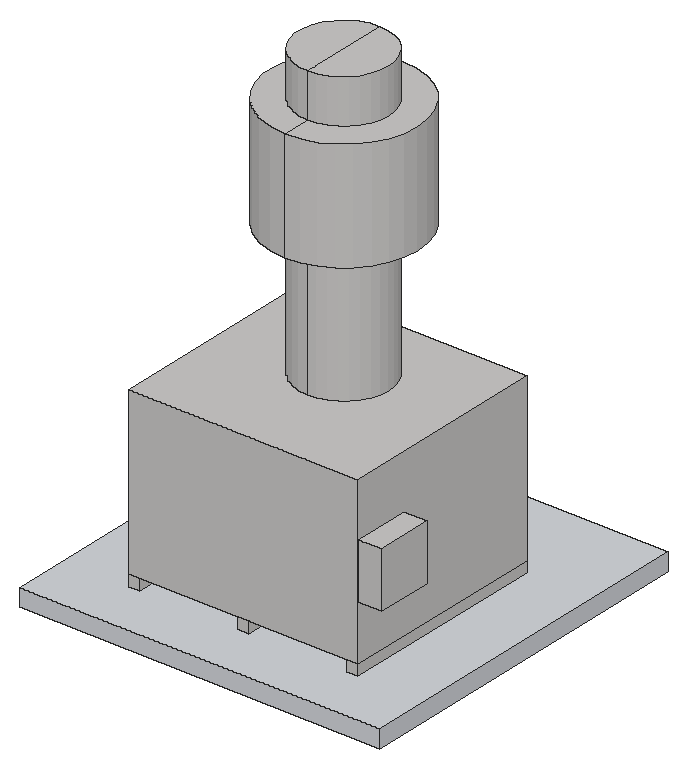
Revit family "DC_Rheem_PLM_Raypak_B2004HWT", category Plumbing Fixtures, host Face, Revit 2017
Family settings
  Host = Face
  Round Connector Dimension = Use Radius
  Part Type = Normal
  Cut with Voids When Loaded = No
  Shared = No
  Room Calculation Point = No
Parameters (values of type "Raypak - Gas Water Heater- Outdoor - 2004 MJ/h  Natural gas, modulating gas control")
  Width_ANZRS = 1430 mm
  URL = "http://www.rheem.com.au/CommercialProducts"
  Type Comments = "Recovery 7654L/h @ 50°C rise\r\n"
  TopSmallDia_ANZRS = 610 mm  # constant formula
  TopH2_ANZRS = 750 mm
  TopH1_ANZRS = 300 mm
  TopBigDia_ANZRS = 1000 mm
  PRVDiameter_ANZRS = PRVRadius_ANZRS * 2  # 20 mm
  Materials_ANZRS = Raypak - Grey Powder Coated Steel
  PRVRadius_ANZRS = 10 mm
  PRVDist_ANZRS = 400 mm
  Model = "B2004NCM/HWT\r\n"
  Manufacturer = "Raypak\r\n"
  Length_ANZRS = 1550 mm
  HotWaterPipeDist_ANZRS = 235 mm
  HotWaterPipeRadius_ANZRS = 40 mm
  HotWaterPipeDiameter_ANZRS = HotWaterPipeRadius_ANZRS * 2  # 80 mm
  Height_ANZRS = 3165 mm
  GasPipeRadius_ANZRS = 25 mm
  GasPipeHeight_ANZRS = 600 mm
  GasPipeDist_ANZRS = 210 mm
  GasPipeDiameter_ANZRS = GasPipeRadius_ANZRS * 2  # 50 mm
  EleBoxWidth_ANZRS = 160 mm
  EleBoxHeightfromBase_ANZRS = 450 mm
  EleBoxHeight_ANZRS = 380 mm
  DesignBy_ANZRS = "Design Content ©"
  Description = "Raypak - Gas Water Heater- Outdoor - 2004 MJ/h  Natural gas, modulating gas control\r\n"
  Default Elevation = 0 mm
  ConnHeight_ANZRS = 910 mm
  ColdWaterPipeRadius_ANZRS = 40 mm
  ColdWaterPipeDisi_ANZRS = 567 mm
  ColdWaterPipeDiameter_ANZRS = ColdWaterPipeRadius_ANZRS * 2  # 80 mm
  BoxHeight_ANZRS = 1195 mm
  BaseWidth_ANZRS = 75 mm
  BaseHeight_ANZRS = 75 mm
  BaseDist_ANZRS = 0 mm
  Author_ANZRS = "DM"
  Assembly Code = ""
Types (5, lengths in mm): name | URL | Type Comments | Model | HotWaterPipeRadius_ANZRS | HotWaterPipeDiameter_ANZRS | GasPipeRadius_ANZRS | GasPipeDiameter_ANZRS | Description
  (no name) | "http://www.rheem.com.au/downloads/PDF/Raypak_Mechanical_Heating_Brochure_July_09.pdf\r\n" | "Recovery 8190L/h @ 50°C rise\r\n" | "B2004PCO/HWT\r\n\r\n" | 40 | 80 | 20 | 40 | "Raypak - Gas Water Heater- Outdoor - 2150 MJ/h  Propane gas, On/Off gas control\r\n"
  Raypak - Gas Water Heater- Outdoor - 2004 MJ/h  Natural gas, modulating gas control | "http://www.rheem.com.au/CommercialProducts" | "Recovery 7654L/h @ 50°C rise\r\n" | "B2004NCM/HWT\r\n" | 40 | 80 | 25 | 50 | "Raypak - Gas Water Heater- Outdoor - 2004 MJ/h  Natural gas, modulating gas control\r\n"
  Raypak - Gas Water Heater- Outdoor - 2004 MJ/h  Natural gas, On/Off gas control | "http://www.rheem.com.au/CommercialProducts" | "Recovery 7654L/h @ 50°C rise\r\n" | "B2004NCO/HWT\r\n\r\n\r\n" | 40 | 80 | 25 | 50 | "Raypak - Gas Water Heater- Outdoor - 2004 MJ/h  Natural gas, On/Off gas control"
  Raypak - Gas Water Heater- Outdoor - 2150 MJ/h  Propane gas, modulating gas control | "http://www.rheem.com.au/CommercialProducts" | "Recovery 8190L/h @ 50°C rise\r\n" | "B2004PCM/HWT\r\n" | 45 | 90 | 20 | 40 | "Raypak - Gas Water Heater- Outdoor - 2150 MJ/h  Propane gas, modulating gas control"
  Raypak - Gas Water Heater- Outdoor - 2150 MJ/h  Propane gas, On/Off gas control | "http://www.rheem.com.au/CommercialProducts" | "Recovery 8190L/h @ 50°C rise\r\n" | "B2004PCO/HWT\r\n\r\n" | 40 | 80 | 20 | 40 | "Raypak - Gas Water Heater- Outdoor - 2150 MJ/h  Propane gas, On/Off gas control\r\n"
Reference planes
  plane 1 "Center (Front/Back)": y = 0
  plane 2: z = 0
  plane 3 "Center (Left/Right)": x = 0
  plane 4: z = 75
  plane 5: x = -775
  plane 6: x = 775
  plane 7: x = 935
  plane 8: z = 450
  plane 9: z = 1195
  plane 10: x = -775
  plane 11: x = 775
  plane 12: x = -700
  plane 13: x = 700
  plane 14: y = 580
  plane 15: y = -850
  plane 16: z = 3165
  plane 17: z = 2865
  plane 18: z = 2115
  plane 19: y = 305
  plane 20: y = -305
  plane 21: y = 500
  plane 22: y = -500
  plane 23: z = 910
  plane 24: y = 180
  plane 25: y = 345
  plane 26: y = -222
  plane 27: y = -640
  plane 28: z = 600
  plane 29: z = 830
  plane 30: x = -305
  plane 31: x = 305
  plane 32: x = -500
  plane 33: x = 500
  plane 34: x = -765
  plane 35: x = -945
  plane 36: x = -845
  plane 37: x = -37.5
  plane 38: x = 37.5
  plane 39: y = -465
Forms (mm)
  Extrusion 1, solid
    sketch origin (0, 0, 0) x (1, 0, 0) y (0, 1, 0)
      loop
        line (-1219.2, 1219.2) -> (-1219.2, -1219.2) -> (1219.2, -1219.2) -> (1219.2, 1219.2) -> (-1219.2, 1219.2)
    from 0 to -120
  Extrusion 2, solid, material "Raypak - Grey Powder Coated Steel" <- "Materials_ANZRS"
    sketch origin (0, 0, 0) x (1, 0, 0) y (0, 0, 1)
      loop
        line (-775, 75) -> (-775, 0) -> (-700, 0) -> (-700, 75) -> (-775, 75)
      loop
        line (700, 75) -> (700, 0) -> (775, 0) -> (775, 75) -> (700, 75)
      loop
        line (-37.5, 75) -> (-37.5, 0) -> (37.5, 0) -> (37.5, 75) -> (-37.5, 75)
    from -580 to 850
  Extrusion 3, solid, material "Raypak - Grey Powder Coated Steel" <- "Materials_ANZRS"
    sketch origin (0, 0, 0) x (1, 0, 0) y (0, 1, 0)
      loop
        line (-775, 580) -> (-775, -850) -> (775, -850) -> (775, 580) -> (-775, 580)
    from 75 to 1195
  Revolve 4, solid, material "Raypak - Grey Powder Coated Steel" <- "Materials_ANZRS"
    sketch origin (0, 0, 0) x (0, 1, 0) y (0, 0, 1)
      loop
        line (0, 3165) -> (-305, 3165) -> (-305, 2865) -> (-500, 2865) -> (-500, 2115) -> (-305, 2115) -> (-305, 1195) -> (0, 1195) -> (0, 3165)
      axis (0, 3165) -> (0, 1195)
    angle from 0 to 360
  Extrusion 5, solid, material "Raypak - Grey Powder Coated Steel" <- "Materials_ANZRS"
    sketch origin (0, 0, 0) x (1, 0, 0) y (0, 0, 1)
      loop
        line (775, 830) -> (775, 450) -> (935, 450) -> (935, 830) -> (775, 830)
    from 465 to 850
  Extrusion 6, solid, material "Raypak - Grey Powder Coated Steel" <- "Materials_ANZRS"
    sketch origin (0, 0, 0) x (0, 1, 0) y (0, 0, 1)
      loop
        circle (345, 910) r 40
      loop
        circle (-222, 910) r 40
    from -945 to -775
  Extrusion 7, solid, material "Raypak - Grey Powder Coated Steel" <- "Materials_ANZRS"
    sketch origin (0, 0, 0) x (0, 1, 0) y (0, 0, 1)
      loop
        circle (-640, 600) r 25
    from -845 to -775
  Extrusion 8, void
    sketch origin (0, 0, 0) x (0, 1, 0) y (0, 0, 1)
      loop
        circle (180, 910) r 10
    from -775 to -765
Cuts and joins
  Extrusion 8 cuts Extrusion 3
  joined: Extrusion 3, Extrusion 7
Lines and regions (mm)
  Masking region 1
    outline origin (0, 0, 0) x (1, 0, 0) y (0, 0, 1)
      loop
        line (305, 3165) -> (-305, 3165) -> (-305, 2865) -> (-500, 2865) -> (-500, 2115) -> (-305, 2115) -> (-305, 1195) -> (-775, 1195) -> (-775, 930) -> (-945, 930) -> (-945, 890) -> (-775, 890) -> (-775, 615) -> (-845, 615) -> (-845, 585) -> (-775, 585) -> (-775, 75) -> (-775, 0) -> (-700, 0) -> (-700, 75) -> (-37.5, 75) -> (-37.5, 0) -> (37.5, 0) -> (37.5, 75) -> (700, 75) -> (700, 0) -> (775, 0) -> (775, 75) -> (775, 450) -> (935, 450) -> (935, 830) -> (775, 830) -> (775, 1195) -> (305, 1195) -> (305, 2115) -> (500, 2115) -> (500, 2865) -> (305, 2865) -> (305, 3165)
  Masking region 2
    outline origin (0, 0, 0) x (0, 1, 0) y (0, 0, 1)
      loop
        line (305, 3165) -> (-305, 3165) -> (-305, 2865) -> (-500, 2865) -> (-500, 2115) -> (-305, 2115) -> (-305, 1195) -> (-850, 1195) -> (-850, 0) -> (580, 0) -> (580, 1195) -> (305, 1195) -> (305, 2115) -> (500, 2115) -> (500, 2865) -> (305, 2865) -> (305, 3165)
  Masking region 3
    outline origin (0, 0, 0) x (1, 0, 0) y (0, 1, 0)
      loop
        line (-775, 580) -> (-775, 385) -> (-945, 385) -> (-945, 305) -> (-775, 305) -> (-775, -182) -> (-945, -182) -> (-945, -262) -> (-775, -262) -> (-775, -615) -> (-845, -615) -> (-845, -665) -> (-775, -665) -> (-775, -850) -> (935, -850) -> (935, -465) -> (775, -465) -> (775, 580) -> (-775, 580)
  symbolic lines, style "Rheem Raypak", detail levels fine
    curve 1: line (-500, 0, 2865) -> (-500, 0, 2115)
    curve 2: line (-500, 0, 2115) -> (500, 0, 2115)
    curve 3: line (-305, 0, 2115) -> (-305, 0, 1195)
    curve 4: line (-305, 0, 3165) -> (-305, 0, 2865)
    curve 5: line (305, 0, 3165) -> (-305, 0, 3165)
    curve 6: line (305, 0, 2865) -> (305, 0, 3165)
    curve 7: line (500, 0, 2865) -> (-500, 0, 2865)
    curve 8: line (500, 0, 2115) -> (500, 0, 2865)
    curve 9: line (305, 0, 1195) -> (305, 0, 2115)
    curve 10: line (775, 0, 1195) -> (-775, 0, 1195)
    curve 11: line (775, 0, 75) -> (775, 0, 1195)
    curve 12: line (-775, 0, 1195) -> (-775, 0, 75)
    curve 13: line (-775, 0, 75) -> (775, 0, 75)
    curve 14: line (-700, 0, 0) -> (-700, 0, 75)
    curve 15: line (-775, 0, 0) -> (-700, 0, 0)
    curve 16: line (-775, 0, 75) -> (-775, 0, 0)
    curve 17: line (775, 0, 0) -> (775, 0, 75)
    curve 18: line (700, 0, 75) -> (700, 0, 0)
    curve 19: line (700, 0, 0) -> (775, 0, 0)
    curve 20: line (775, 0, 450) -> (935, 0, 450)
    curve 21: line (935, 0, 450) -> (935, 0, 830)
    curve 22: line (935, 0, 830) -> (775, 0, 830)
    curve 23: line (-845, 0, 585) -> (-775, 0, 585)
    curve 24: line (-845, 0, 615) -> (-845, 0, 585)
    curve 25: line (-775, 0, 615) -> (-845, 0, 615)
    curve 26: line (0, -500, 2865) -> (0, 500, 2865)
    curve 27: line (0, -500, 2115) -> (0, 500, 2115)
    curve 28: line (0, 500, 2115) -> (0, 500, 2865)
    curve 29: line (0, -500, 2865) -> (0, -500, 2115)
    curve 30: line (0, -305, 3165) -> (0, -305, 2865)
    curve 31: line (0, 305, 2865) -> (0, 305, 3165)
    curve 32: line (0, -305, 3165) -> (0, 305, 3165)
    curve 33: line (0, -305, 2115) -> (0, -305, 1195)
    curve 34: line (0, 305, 1195) -> (0, 305, 2115)
    curve 35: line (0, 580, 1195) -> (0, -850, 1195)
    curve 36: line (0, -850, 1195) -> (0, -850, 75)
    curve 37: line (0, 580, 75) -> (0, 580, 1195)
    curve 38: line (0, -850, 75) -> (0, 580, 75)
    curve 39: line (0, 580, 0) -> (0, 580, 75)
    curve 40: line (0, -850, 75) -> (0, -850, 0)
    curve 41: line (0, -850, 0) -> (0, 580, 0)
    curve 42: arc (0, -242, 910) -> (0, -222, 890) -> (0, -202, 910) r 20
    curve 43: arc (0, -202, 910) -> (0, -222, 930) -> (0, -242, 910) r 20
    curve 44: arc (0, -625, 600) -> (0, -640, 585) -> (0, -655, 600) r 15
    curve 45: arc (0, -655, 600) -> (0, -640, 615) -> (0, -625, 600) r 15
    curve 46: arc (0, 325, 910) -> (0, 345, 890) -> (0, 365, 910) r 20
    curve 47: arc (0, 365, 910) -> (0, 345, 930) -> (0, 325, 910) r 20
    curve 48: arc (0, 165, 910) -> (0, 180, 895) -> (0, 195, 910) r 15
    curve 49: arc (0, 195, 910) -> (0, 180, 925) -> (0, 165, 910) r 15
    curve 50: arc (0, -500, 0) -> (-500, 0, 0) -> (0, 500, 0) r 500
    curve 51: arc (0, 500, 0) -> (500, 0, 0) -> (0, -500, 0) r 500
    curve 52: arc (0, 305, 0) -> (305, 0, 0) -> (0, -305, 0) r 305
    curve 53: arc (0, -305, 0) -> (-305, 0, 0) -> (0, 305, 0) r 305
    curve 54: line (775, -850, 0) -> (775, 580, 0)
    curve 55: line (-775, -850, 0) -> (775, -850, 0)
    curve 56: line (-775, 580, 0) -> (-775, -850, 0)
    curve 57: line (935, -850, 0) -> (935, 580, 0)
    curve 58: line (775, -850, 0) -> (935, -850, 0)
    curve 59: line (-845, -625, 0) -> (-845, -655, 0)
    curve 60: line (-845, -625, 0) -> (-775, -625, 0)
    curve 61: line (-845, -655, 0) -> (-775, -655, 0)
    curve 62: line (37.5, 0, 0) -> (37.5, 0, 75)
    curve 63: line (-775, 0, 75) -> (775, 0, 75)
    curve 64: line (-37.5, 0, 75) -> (-37.5, 0, 0)
    curve 65: line (-37.5, 0, 0) -> (37.5, 0, 0)
    curve 66: line (935, 580, 0) -> (-775, 580, 0)
Dimensions and locks
  "BaseHeight_ANZRS": plane 4 to level
  equal spacing: plane 6, plane 3 "Center (Left/Right)", plane 5
  "Length_ANZRS": plane 5 to plane 6
  "EleBoxWidth_ANZRS": plane 6 to plane 7
  "EleBoxHeightfromBase_ANZRS": plane 8 to Extrusion 1
  "EleBoxHeight_ANZRS": plane 29 to plane 8
  "BaseDist_ANZRS": plane 10 to plane 5
  "BaseDist_ANZRS": plane 11 to plane 6
  "BaseWidth_ANZRS": plane 10 to plane 12
  "BaseWidth_ANZRS": plane 11 to plane 13
  plane 1 "Center (Front/Back)" to plane 15 = 850 mm
  "Width_ANZRS": plane 14 to plane 15
  "Height_ANZRS": plane 16 to Extrusion 1
  "TopSmallDia_ANZRS": plane 19 to plane 20
  equal spacing: plane 19, plane 1 "Center (Front/Back)", plane 20
  equal spacing: plane 21, plane 1 "Center (Front/Back)", plane 22
  "TopBigDia_ANZRS": plane 21 to plane 22
  "ConnHeight_ANZRS": plane 23 to Extrusion 1
  "BoxHeight_ANZRS": plane 9 to Extrusion 1
  "PRVDist_ANZRS": plane 14 to plane 24
  "HotWaterPipeDist_ANZRS": plane 14 to plane 25
  "ColdWaterPipeDisi_ANZRS": plane 25 to plane 26
  "GasPipeDist_ANZRS": plane 27 to plane 15
  "GasPipeHeight_ANZRS": plane 28 to Extrusion 1
  "TopH1_ANZRS": plane 16 to plane 17
  "TopH2_ANZRS": plane 17 to plane 18
  equal spacing: plane 32, plane 3 "Center (Left/Right)", plane 33
  "TopSmallDia_ANZRS": plane 30 to plane 31
  equal spacing: plane 30, plane 3 "Center (Left/Right)", plane 31
  "TopBigDia_ANZRS": plane 32 to plane 33
  locked: plane 5 to plane 34 at 10
  plane 35 to plane 5 = 170 mm
  plane 35 to cut or joined group of Extrusion 3, Extrusion 7, Extrusion 8 = 170 mm
  plane 36 to cut or joined group of Extrusion 3, Extrusion 7, Extrusion 8 = 70 mm
  equal spacing: plane 37, plane 3 "Center (Left/Right)", plane 38
  "BaseWidth_ANZRS": plane 37 to plane 38
  locked: plane 36 to plane 34 at 80
  plane 35 to plane 34 = 180 mm
  "HotWaterPipeDiameter_ANZRS": Masking region 3 sketch curve to Masking region 3 sketch curve
  equal spacing: Masking region 3 sketch curve, plane 25, Masking region 3 sketch curve
  equal spacing: Masking region 3 sketch curve, plane 26, Masking region 3 sketch curve
  "ColdWaterPipeDiameter_ANZRS": Masking region 3 sketch curve to Masking region 3 sketch curve
  equal spacing: Masking region 3 sketch curve, plane 27, Masking region 3 sketch curve
  "GasPipeDiameter_ANZRS": Masking region 3 sketch curve to Masking region 3 sketch curve
  "ColdWaterPipeRadius_ANZRS": radius of Extrusion 6 sketch curve
  "HotWaterPipeRadius_ANZRS": radius of Extrusion 6 sketch curve
  "GasPipeRadius_ANZRS": radius of Extrusion 7 sketch curve
  "PRVRadius_ANZRS": radius of Extrusion 8 sketch curve
  aligned and locked: plane 2 to Extrusion 1
  aligned and locked: level to Extrusion 1
  aligned and locked: Extrusion 2 sketch curve to plane 4  (x2)
  aligned and locked: Extrusion 2 sketch curve to plane 10
  aligned and locked: level to Extrusion 2 sketch curve  (x2)
  aligned and locked: plane 12 to Extrusion 2 sketch curve
  aligned and locked: plane 13 to Extrusion 2 sketch curve
  aligned and locked: plane 11 to Extrusion 2 sketch curve
  aligned and locked: plane 14 to Extrusion 3 sketch curve
  aligned and locked: plane 15 to Extrusion 3 sketch curve
  aligned and locked: plane 6 to Extrusion 3 sketch curve
  aligned and locked: plane 9 to Extrusion 3
  aligned and locked: Extrusion 3 to plane 4
  aligned and locked: Extrusion 2 to plane 15
  aligned and locked: Extrusion 2 to plane 14
  aligned and locked: plane 16 to Revolve 4 sketch curve
  aligned and locked: Revolve 4 sketch curve to plane 20
  aligned and locked: Revolve 4 sketch curve to plane 22
  aligned and locked: plane 9 to Revolve 4 sketch curve
  aligned and locked: Revolve 4 sketch curve to plane 1 "Center (Front/Back)"
  aligned and locked: Extrusion 5 sketch curve to plane 29
  aligned and locked: Extrusion 5 sketch curve to plane 6
  aligned and locked: plane 8 to Extrusion 5 sketch curve
  aligned and locked: plane 7 to Extrusion 5 sketch curve
  aligned: Extrusion 2 to Extrusion 5
  aligned and locked: Extrusion 5 to Extrusion 2
  aligned and locked: plane 25 to Extrusion 6 sketch curve
  aligned and locked: plane 23 to Extrusion 6 sketch curve  (x2)
  aligned and locked: plane 26 to Extrusion 6 sketch curve
  aligned and locked: Extrusion 3 to plane 5
  aligned: Extrusion 6 to plane 5
  aligned: Extrusion 6 to plane 34
  aligned and locked: plane 28 to Extrusion 7 sketch curve
  aligned and locked: plane 27 to Extrusion 7 sketch curve
  aligned: plane 35 to Extrusion 7
  aligned: Extrusion 7 to plane 34
  aligned: plane 5 to Extrusion 7
  aligned and locked: Masking region 1 sketch curve to plane 31
  aligned and locked: Masking region 1 sketch curve to plane 30
  aligned and locked: Masking region 1 sketch curve to plane 16
  aligned and locked: Masking region 1 sketch curve to plane 17
  aligned and locked: Masking region 1 sketch curve to plane 18
  aligned and locked: plane 33 to Masking region 1 sketch curve
  aligned and locked: Masking region 1 sketch curve to plane 32
  aligned and locked: Masking region 1 sketch curve to plane 9
  aligned and locked: Masking region 1 sketch curve to plane 6
  aligned and locked: Masking region 1 sketch curve to plane 29
  aligned and locked: Masking region 1 sketch curve to plane 8
  aligned and locked: plane 7 to Masking region 1 sketch curve
  aligned and locked: Masking region 1 sketch curve to plane 5
  aligned and locked: Extrusion 1 to Masking region 1 sketch curve  (x2)
  aligned and locked: plane 16 to Masking region 2 sketch curve
  aligned and locked: Masking region 2 sketch curve to plane 17
  aligned and locked: Masking region 2 sketch curve to plane 22
  aligned and locked: plane 21 to Masking region 2 sketch curve
  aligned and locked: plane 19 to Masking region 2 sketch curve
  aligned and locked: Masking region 2 sketch curve to plane 20
  aligned and locked: plane 9 to Masking region 2 sketch curve
  aligned and locked: Masking region 2 sketch curve to plane 15
  aligned and locked: plane 14 to Masking region 2 sketch curve
  aligned and locked: Extrusion 1 to Masking region 2 sketch curve
  aligned and locked: Masking region 2 sketch curve to plane 18
  aligned and locked: Masking region 1 sketch curve to plane 12
  aligned and locked: Masking region 1 sketch curve to plane 10
  aligned and locked: Masking region 1 sketch curve to plane 11
  aligned and locked: plane 13 to Masking region 1 sketch curve
  aligned and locked: Masking region 1 sketch curve to plane 4
  aligned and locked: curve 1 to Masking region 1
  aligned and locked: curve 2 to Masking region 1
  aligned and locked: curve 3 to Masking region 1
  aligned and locked: curve 4 to Masking region 1
  aligned and locked: curve 5 to Masking region 1
  aligned and locked: curve 6 to Masking region 1
  aligned and locked: curve 7 to Masking region 1
  aligned and locked: curve 8 to Masking region 1
  aligned and locked: curve 9 to Masking region 1
  aligned and locked: curve 10 to cut or joined group of Extrusion 3, Extrusion 7, Extrusion 8
  aligned and locked: curve 11 to cut or joined group of Extrusion 3, Extrusion 7, Extrusion 8
  aligned and locked: curve 12 to cut or joined group of Extrusion 3, Extrusion 7, Extrusion 8
  aligned and locked: curve 13 to cut or joined group of Extrusion 3, Extrusion 7, Extrusion 8
  aligned and locked: curve 14 to Extrusion 2
  aligned and locked: curve 15 to Extrusion 2
  aligned and locked: curve 16 to Extrusion 2
  aligned and locked: curve 17 to Extrusion 2
  aligned and locked: curve 18 to Extrusion 2
  aligned and locked: curve 19 to Extrusion 2
  aligned and locked: curve 20 to Extrusion 5
  aligned and locked: curve 21 to Extrusion 5
  aligned and locked: curve 22 to Extrusion 5
  aligned and locked: Masking region 1 to curve 23
  aligned: cut or joined group of Extrusion 3, Extrusion 7, Extrusion 8 to curve 24
  aligned and locked: curve 25 to Masking region 1
  aligned and locked: curve 26 to Revolve 4
  aligned and locked: curve 27 to Revolve 4
  aligned and locked: curve 28 to Masking region 2
  aligned and locked: curve 29 to Masking region 2
  aligned and locked: curve 30 to Masking region 2
  aligned and locked: curve 31 to Masking region 2
  aligned and locked: curve 32 to Revolve 4
  aligned and locked: curve 33 to Masking region 2
  aligned and locked: curve 34 to Masking region 2
  aligned and locked: curve 35 to cut or joined group of Extrusion 3, Extrusion 7, Extrusion 8
  aligned and locked: curve 36 to cut or joined group of Extrusion 3, Extrusion 7, Extrusion 8
  aligned and locked: curve 37 to cut or joined group of Extrusion 3, Extrusion 7, Extrusion 8
  aligned and locked: curve 38 to cut or joined group of Extrusion 3, Extrusion 7, Extrusion 8
  aligned and locked: curve 39 to Extrusion 2
  aligned and locked: curve 40 to Extrusion 2
  aligned and locked: curve 41 to Extrusion 2
  aligned and locked: curve 50 to Revolve 4
  aligned and locked: curve 51 to Revolve 4
  aligned and locked: curve 52 to Revolve 4
  aligned and locked: curve 53 to Revolve 4
  aligned and locked: curve 54 to cut or joined group of Extrusion 3, Extrusion 7, Extrusion 8
  aligned and locked: curve 55 to cut or joined group of Extrusion 3, Extrusion 7, Extrusion 8
  aligned and locked: curve 56 to cut or joined group of Extrusion 3, Extrusion 7, Extrusion 8
  aligned and locked: curve 57 to Extrusion 5
  aligned and locked: curve 58 to Extrusion 5
  aligned: cut or joined group of Extrusion 3, Extrusion 7, Extrusion 8 to curve 59
  aligned and locked: plane 35 to Extrusion 6
  aligned: plane 5 to Extrusion 6
  aligned: plane 36 to Extrusion 7
  aligned and locked: curve 62 to Extrusion 2
  aligned and locked: curve 63 to cut or joined group of Extrusion 3, Extrusion 7, Extrusion 8
  aligned and locked: curve 64 to Extrusion 2
  aligned and locked: curve 65 to Extrusion 2
  aligned and locked: Masking region 3 sketch curve to curve 66
  aligned and locked: Masking region 3 sketch curve to Extrusion 2
  aligned and locked: Masking region 3 sketch curve to Extrusion 5  (x2)
  aligned and locked: Extrusion 6 to Masking region 3 sketch curve
  aligned and locked: cut or joined group of Extrusion 3, Extrusion 7, Extrusion 8 to Masking region 3 sketch curve
  aligned and locked: plane 36 to curve 24
  aligned and locked: plane 24 to Extrusion 8 sketch curve
  aligned and locked: plane 23 to Extrusion 8 sketch curve
  aligned and locked: Extrusion 8 to plane 5
  aligned: Extrusion 6 to Extrusion 8
  aligned and locked: Extrusion 7 to curve 60
  aligned and locked: cut or joined group of Extrusion 3, Extrusion 7, Extrusion 8 to plane 10
  aligned and locked: Extrusion 8 to plane 34
  aligned and locked: Extrusion 6 to plane 10
  aligned and locked: plane 36 to Masking region 1 sketch curve
  aligned and locked: plane 35 to Masking region 1 sketch curve
  aligned and locked: Extrusion 7 to Masking region 1
  aligned and locked: Masking region 3 sketch curve to plane 11
  aligned and locked: plane 39 to Masking region 3 sketch curve
  aligned and locked: Extrusion 5 to Masking region 3
Automatic sketch dimensions
  Extrusion 1 sketch curve to Extrusion 1 sketch curve = 2438.4 mm  (x2)
  Revolve 4 sketch curve to plane 1 "Center (Front/Back)" = 0 mm
  Revolve 4 sketch curve to plane 16 = 51.193 mm
  Revolve 4 sketch curve to level = 2207.352 mm
  Revolve 4 sketch curve to plane 18 = 0 mm
  Revolve 4 sketch curve to plane 20 = 0 mm
  Revolve 4 sketch curve to plane 17 = 0 mm
  Extrusion 3 sketch curve to plane 5 = 0 mm
  Masking region 2 sketch curve to plane 19 = 0 mm
  Masking region 2 sketch curve to plane 17 = 0 mm
  Masking region 2 sketch curve to plane 20 = 0 mm
  Masking region 2 sketch curve to plane 18 = 0 mm
  Masking region 2 sketch curve to plane 9 = 0 mm
  curve 3 to plane 9 = 0 mm
  curve 4 to plane 16 = 0 mm
  curve 5 to plane 31 = 0 mm
  curve 7 to plane 33 = 0 mm
  curve 8 to plane 18 = 0 mm
  curve 10 to plane 5 = 0 mm
  plane 6 to curve 10 = 0 mm
  curve 11 to plane 4 = 0 mm
  curve 14 to level = 0 mm
  plane 12 to curve 14 = 0 mm
  plane 10 to curve 15 = 0 mm
  curve 17 to level = 0 mm
  plane 11 to curve 17 = 0 mm
  curve 18 to plane 13 = 0 mm
  plane 7 to curve 20 = 0 mm
  curve 20 to plane 8 = 0 mm
  curve 21 to plane 29 = 0 mm
  curve 23 to plane 28 = 15 mm
  plane 28 to curve 24 = 15 mm
  curve 9 to plane 31 = 0 mm
  plane 30 to curve 3 = 0 mm
  plane 32 to curve 1 = 0 mm
  plane 30 to curve 4 = 0 mm
  curve 1 to plane 17 = 0 mm
  curve 27 to plane 18 = 0 mm
  curve 27 to plane 22 = 0 mm
  curve 26 to plane 17 = 0 mm
  curve 27 to plane 21 = 0 mm
  curve 30 to plane 20 = 0 mm
  curve 31 to plane 19 = 0 mm
  curve 31 to plane 16 = 0 mm
  curve 33 to plane 20 = 0 mm
  curve 33 to plane 9 = 0 mm
  curve 34 to plane 19 = 0 mm
  curve 35 to plane 15 = 0 mm
  curve 35 to plane 14 = 0 mm
  curve 37 to plane 4 = 0 mm
  curve 40 to level = 0 mm
  curve 42 to plane 23 = 0 mm
  curve 43 to plane 26 = 0 mm
  plane 26 to curve 42 = 20 mm
  curve 45 to plane 28 = 0 mm
  curve 44 to plane 27 = 0 mm
  curve 45 to curve 44 = 15 mm
  curve 46 to plane 23 = 0 mm
  curve 47 to plane 25 = 0 mm
  curve 46 to curve 46 = 20 mm
  curve 48 to curve 49 = 0 mm  (x2)
  curve 48 to plane 23 = 0 mm
  curve 49 to plane 24 = 0 mm
  plane 24 to curve 48 = 15 mm
  Extrusion 2 sketch curve to plane 4 = 0 mm
  plane 37 to Extrusion 2 sketch curve = 0 mm
  Extrusion 2 sketch curve to level = 0 mm
  Extrusion 2 sketch curve to plane 38 = 0 mm
  curve 62 to plane 38 = 0 mm
  curve 62 to level = 0 mm
  plane 37 to curve 64 = 0 mm
  Masking region 1 sketch curve to plane 5 = 0 mm  (x2)
  Masking region 1 sketch curve to plane 30 = 0 mm
  plane 37 to Masking region 1 sketch curve = 0 mm
  Masking region 1 sketch curve to plane 4 = 0 mm  (x5)
  Masking region 1 sketch curve to plane 38 = 0 mm
  Masking region 1 sketch curve to plane 18 = 0 mm
  Masking region 1 sketch curve to plane 31 = 0 mm
  plane 6 to Masking region 1 sketch curve = 0 mm
  Masking region 1 sketch curve to level = 0 mm
  plane 23 to Masking region 1 sketch curve = 20 mm
  Masking region 1 sketch curve to plane 9 = 0 mm
  Masking region 1 sketch curve to plane 17 = 0 mm
  Masking region 1 sketch curve to plane 28 = 15 mm
  plane 28 to Masking region 1 sketch curve = 15 mm
  Masking region 1 sketch curve to plane 23 = 20 mm
  plane 36 to curve 24 = 0 mm
  curve 60 to plane 5 = 0 mm
  plane 14 to curve 66 = 0 mm
  curve 54 to plane 6 = 0 mm
  curve 57 to plane 7 = 0 mm
  curve 55 to plane 15 = 0 mm
  plane 27 to curve 61 = 15 mm
  curve 60 to plane 27 = 15 mm
  Masking region 3 sketch curve to plane 35 = 0 mm
  Masking region 3 sketch curve to plane 5 = 0 mm  (x3)
Connectors
  piping at (-845, -640, 600), diameter 50, driven by "GasPipeRadius_ANZRS"
    settings: on cut or joined group of Extrusion 3, Extrusion 7, Extrusion 8, index 4, connector inside diameter 1.5748", connector length 0 mm, flow factor 0, pipe flow 0 GPM, pressure drop 0.00 psi, fitting loss kfactor 0, connector angle 0.00°, fixture units 0, engagement length 0 mm, angle of deflection 0.00°, flow configuration 0, flow direction 1, fitting loss method 0, system type 22, joint type 0, gender type 0, connector reference index -1, connector utility 0, adjustable connector no, is connector primary yes, connector description "Gas"
  piping at (-945, 345, 910), diameter 80, driven by "HotWaterPipeRadius_ANZRS"
    settings: on Extrusion 6, index 5, connector inside diameter 3.14961", connector length 0 mm, flow factor 0, pipe flow 0 GPM, pressure drop 0.00 psi, fitting loss kfactor 0, connector angle 0.00°, fixture units 0, engagement length 0 mm, angle of deflection 0.00°, flow configuration 0, flow direction 0, fitting loss method 0, system type 19, joint type 0, gender type 0, connector reference index -1, connector utility 0, adjustable connector no, is connector primary no, connector description ""
  piping at (-945, 345, 910), diameter 80, driven by "HotWaterPipeRadius_ANZRS"
    settings: on Extrusion 6, index 6, connector inside diameter 3.14961", connector length 0 mm, flow factor 0, pipe flow 0 GPM, pressure drop 0.00 psi, fitting loss kfactor 0, connector angle 0.00°, fixture units 0, engagement length 0 mm, angle of deflection 0.00°, flow configuration 1, flow direction 2, fitting loss method 0, system type 19, joint type 0, gender type 0, connector reference index -1, connector utility 0, adjustable connector no, is connector primary no, connector description ""
  piping at (-945, -222, 910), diameter 80, driven by "ColdWaterPipeRadius_ANZRS"
    settings: on Extrusion 6, index 7, connector inside diameter 3.14961", connector length 0 mm, flow factor 0, pipe flow 0 GPM, pressure drop 0.00 psi, fitting loss kfactor 0, connector angle 0.00°, fixture units 0, engagement length 0 mm, angle of deflection 0.00°, flow configuration 1, flow direction 1, fitting loss method 0, system type 20, joint type 0, gender type 0, connector reference index -1, connector utility 0, adjustable connector no, is connector primary no, connector description ""
  piping at (-775, 180, 910), diameter 20, driven by "PRVRadius_ANZRS"
    settings: on cut or joined group of Extrusion 3, Extrusion 7, Extrusion 8, index 8, connector inside diameter 0.7874", connector length 0 mm, flow factor 0, pipe flow 0 GPM, pressure drop 0.00 psi, fitting loss kfactor 0, connector angle 0.00°, fixture units 0, engagement length 0 mm, angle of deflection 0.00°, flow configuration 1, flow direction 2, fitting loss method 0, system type 22, joint type 0, gender type 0, connector reference index -1, connector utility 0, adjustable connector no, is connector primary no, connector description "PRV"
